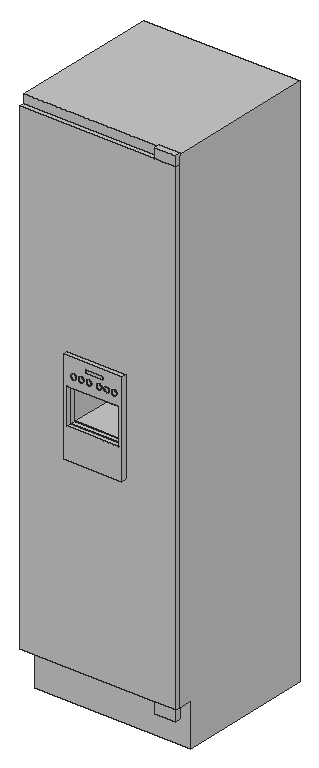
Revit family "RF463707", category Generic Models, Revit 2014
Parameters (values of type "RF463707")
  Width = 610 mm
  URL = "http://www.gaggenau.com."
  Model = "RF463707"
  Manufacturer = "Gaggenau"
  Height = 2125 mm
  Handle = Metal Panel
  Fridge = Metal Panel
  Door = Metal Panel
  Description = "Gaggenau 24\" Freezer column with IWD, left-hinged"
  Depth = 608 mm
Reference planes
  plane 1 "Center (Front/Back)": y = 0
  plane 2: z = 0
  plane 3 "Center (Left/Right)": x = 0
  plane 4: z = 2125
  plane 5: x = -305
  plane 6: x = 305
  plane 7: y = 266.012
  plane 8: y = -341.988
  plane 9: z = 181
  plane 10: z = 102
  plane 11: z = 14.093
  plane 12: z = 2131
  plane 13: z = 2091
  plane 14: y = -268.988
  plane 15: y = -321.988
  plane 16: x = 244.794
  plane 17: z = 1098.573
  plane 18: y = -360.988
Forms (mm)
  Extrusion 1, solid, material "Metal Panel" <- "Fridge"
    sketch origin (0, 0, 0) x (0, 1, 0) y (0, 0, 1)
      loop
        line (266.012, 2125) -> (-321.988, 2125) -> (-321.988, 181) -> (-268.988, 181) -> (-268.988, 14.093) -> (266.012, 14.093) -> (266.012, 2125)
    from -305 to 305
  Extrusion 2, solid, material "Metal Panel" <- "Door"
    sketch origin (0, 0, 0) x (1, 0, 0) y (0, 0, 1)
      loop
        line (-305, 181) -> (305, 181) -> (305, 2091) -> (-305, 2091) -> (-305, 181)
    from 321.988 to 341.988
  Extrusion 3, solid, material "Metal Panel" <- "Door"
    sketch origin (0, 0, -0.35) x (1, 0, 0) y (0, 0, 1)
      loop
        line (305, 2131.35) -> (225, 2131.35) -> (225, 2091.35) -> (305, 2091.35) -> (305, 2131.35)
      loop
        line (305, 181.35) -> (225, 181.35) -> (225, 141.35) -> (305, 141.35) -> (305, 181.35)
    from 321.988 to 341.988
  Extrusion 4, solid, material "Metal Panel" <- "Fridge"
    sketch origin (0, 0, 0) x (1, 0, 0) y (0, 1, 0)
      loop
        circle (-273.403, -159.898) r 11.868
      loop
        circle (-273.403, 159.898) r 11.868
      loop
        circle (273.403, -159.898) r 11.868
      loop
        circle (273.403, 159.898) r 11.868
    from 0 to 14.093
  Extrusion 5, void
    sketch origin (0, 0, 0) x (1, 0, 0) y (0, 0, 1)
      loop
        line (-105, 1185) -> (-105, 1043.376) -> (97.242, 1043.376) -> (97.242, 1185) -> (-105, 1185)
    from 360.988 to 165.127
  Extrusion 6, solid, material "Metal Panel" <- "Door"
    sketch origin (0, 0, 0) x (1, 0, 0) y (0, 0, 1)
      loop
        line (-120, 1292.438) -> (-120, 924.938) -> (111.18, 924.938) -> (111.18, 1292.438) -> (-120, 1292.438)
      loop
        line (-32.243, 1266.361) -> (-32.243, 1256.361) -> (32.757, 1256.361) -> (32.757, 1266.361) -> (-32.243, 1266.361)
      loop
        circle (-79.737, 1225.885) r 10
      loop
        circle (-49.737, 1225.885) r 10
      loop
        circle (-19.737, 1225.885) r 10
      loop
        circle (79.737, 1225.885) r 10
      loop
        circle (49.737, 1225.885) r 10
      loop
        circle (19.737, 1225.885) r 10
    from 360.988 to 341.988
  Extrusion 7, solid, material "Metal Panel" <- "Door"
    sketch origin (0, 0, 0) x (1, 0, 0) y (0, 0, 1)
      loop
        line (32.757, 1256.361) -> (32.757, 1266.361) -> (-32.243, 1266.361) -> (-32.243, 1256.361) -> (32.757, 1256.361)
      loop
        circle (-79.737, 1225.885) r 10
      loop
        circle (-49.737, 1225.885) r 10
      loop
        circle (-19.737, 1225.885) r 10
      loop
        circle (19.737, 1225.885) r 10
      loop
        circle (49.737, 1225.885) r 10
      loop
        circle (79.737, 1225.885) r 10
    from 360.988 to 341.988
Cuts and joins
  Extrusion 5 cuts Extrusion 1
  Extrusion 5 cuts Extrusion 2
  Extrusion 5 cuts Extrusion 6
Dimensions and locks
  "Width": plane 5 to plane 6
  plane 7 to plane 8 = 608 mm  (x2)
  plane 4 to plane 2 = 2125 mm
  plane 9 to plane 2 = 181 mm
  plane 10 to plane 2 = 102 mm
  plane 12 to plane 13 = 40 mm
  plane 14 to plane 8 = 73 mm
  plane 6 to plane 16 = 60.206 mm
  equal spacing: plane 5, plane 3 "Center (Left/Right)", plane 6
  plane 12 to plane 10 = 2029 mm
  Extrusion 6 sketch curve to Extrusion 6 sketch curve = 367.5 mm
  cut or joined group of Extrusion 2, Extrusion 5 to Extrusion 6 = 19 mm
  cut or joined group of Extrusion 5, Extrusion 6 to cut or joined group of Extrusion 5, Extrusion 6 = 231.18 mm
  aligned and locked: level to plane 2
  aligned and locked: plane 5 to Extrusion 1
  aligned and locked: plane 6 to Extrusion 1
  aligned and locked: Extrusion 2 to plane 8
  aligned and locked: Extrusion 2 to Extrusion 1
  aligned and locked: Extrusion 3 to plane 8
  aligned and locked: Extrusion 3 to Extrusion 1
  aligned and locked: plane 13 to Extrusion 2 sketch curve
  aligned and locked: plane 6 to Extrusion 2 sketch curve
  aligned and locked: plane 5 to Extrusion 2 sketch curve
Automatic sketch dimensions
  Extrusion 1 sketch curve to plane 4 = 0 mm
  Extrusion 1 sketch curve to plane 15 = 0 mm
  Extrusion 1 sketch curve to plane 9 = 0 mm
  Extrusion 1 sketch curve to plane 14 = 0 mm
  Extrusion 1 sketch curve to plane 7 = 0 mm
  Extrusion 1 sketch curve to plane 11 = 0 mm
  Extrusion 4 sketch curve to plane 5 = 31.597 mm  (x2)
  plane 16 to Extrusion 4 sketch curve = 28.608 mm  (x2)
  Extrusion 4 sketch curve to plane 14 = 109.089 mm  (x2)
  Extrusion 4 sketch curve to plane 7 = 106.114 mm  (x2)
  plane 10 to Extrusion 2 sketch curve = 79 mm
  Extrusion 3 sketch curve to plane 16 = 19.794 mm  (x2)
  Extrusion 3 sketch curve to plane 12 = 0 mm
  Extrusion 3 sketch curve to plane 6 = 0 mm  (x2)
  Extrusion 3 sketch curve to plane 9 = 0 mm
  Extrusion 3 sketch curve to plane 13 = 0 mm
  Extrusion 3 sketch curve to plane 9 = 40 mm
  Extrusion 5 sketch curve to plane 3 "Center (Left/Right)" = 105 mm
  Extrusion 5 sketch curve to plane 16 = 147.553 mm
  plane 9 to Extrusion 5 sketch curve = 862.376 mm
  Extrusion 5 sketch curve to Extrusion 5 sketch curve = 141.624 mm
  Extrusion 6 sketch curve to plane 3 "Center (Left/Right)" = 120 mm
  Extrusion 6 sketch curve to Extrusion 6 sketch curve = 40.263 mm
  Extrusion 6 sketch curve to Extrusion 6 sketch curve = 30 mm  (x3)
  Extrusion 6 sketch curve to plane 3 "Center (Left/Right)" = 32.243 mm
  Extrusion 6 sketch curve to plane 3 "Center (Left/Right)" = 19.737 mm
  plane 3 "Center (Left/Right)" to Extrusion 6 sketch curve = 19.737 mm
  plane 3 "Center (Left/Right)" to Extrusion 6 sketch curve = 32.757 mm
  plane 3 "Center (Left/Right)" to Extrusion 6 sketch curve = 111.18 mm
  Extrusion 6 sketch curve to plane 17 = 173.635 mm
  Extrusion 6 sketch curve to Extrusion 6 sketch curve = 66.553 mm
  Extrusion 6 sketch curve to Extrusion 6 sketch curve = 0 mm  (x5)
  Extrusion 6 sketch curve to Extrusion 6 sketch curve = 30.476 mm
  Extrusion 6 sketch curve to Extrusion 6 sketch curve = 10 mm
  Extrusion 7 sketch curve to plane 3 "Center (Left/Right)" = 32.243 mm
  plane 3 "Center (Left/Right)" to Extrusion 7 sketch curve = 32.757 mm
  plane 17 to Extrusion 7 sketch curve = 157.788 mm
  Extrusion 7 sketch curve to Extrusion 7 sketch curve = 10 mm  (x6)
  Extrusion 7 sketch curve to Extrusion 7 sketch curve = 47.494 mm
  Extrusion 7 sketch curve to Extrusion 7 sketch curve = 30.476 mm
  Extrusion 7 sketch curve to Extrusion 7 sketch curve = 20 mm  (x3)
  Extrusion 7 sketch curve to Extrusion 7 sketch curve = 0 mm  (x7)
  Extrusion 7 sketch curve to plane 3 "Center (Left/Right)" = 19.737 mm
  plane 3 "Center (Left/Right)" to Extrusion 7 sketch curve = 19.737 mm
  plane 3 "Center (Left/Right)" to Extrusion 7 sketch curve = 9.737 mm
  radius of Extrusion 4 sketch curve = 11.868 mm  (x4)
  radius of Extrusion 6 sketch curve = 10 mm  (x6)
